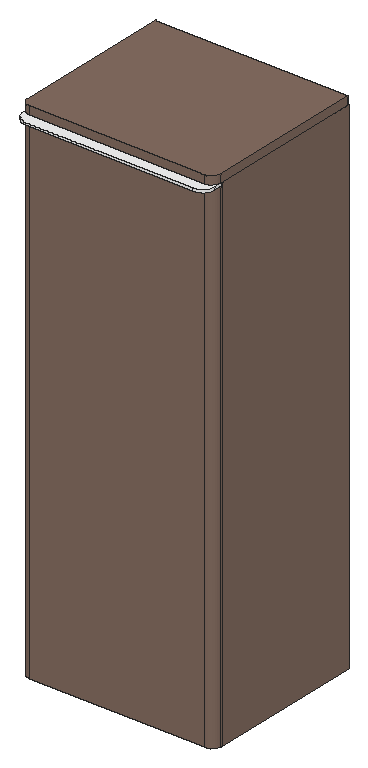
Revit family "mid-height cabinet, door hinge", category Furniture, Revit 2019 (continued)
Types (48, lengths in mm): name | SURFACE | SPECIFICATION | PRODUCTURL | PERMALINK | OBERFLAECHE | NB | NAME | Model | Mid-height cabinet 400_350, door hinge right-54134700-Dark Walnut-MATT_WHITE-400_RX0RY0RZ0TX0TY0TZ0_V | Mid-height cabinet 400_350, door hinge right-54134700-Dark Walnut-MATT_WHITE-200_RX0RY0RZ0TX0TY0TZ0_V | Mid-height cabinet 400_350, door hinge right-54134670-Dark Walnut-MATT_BLACK-400_RX0RY0RZ0TX0TY0TZ0_V | Mid-height cabinet 400_350, door hinge right-54134670-Dark Walnut-MATT_BLACK-200_RX0RY0RZ0TX0TY0TZ0_V | Mid-height cabinet 400_350, door hinge right-54134000-Dark Walnut-CHROME-400_RX0RY0RZ0TX0TY0TZ0_V | Mid-height cabinet 400_350, door hinge right-54134000-Dark Walnut-CHROME-200_RX0RY0RZ0TX0TY0TZ0_V | Mid-height cabinet 400_350, door hinge right-54133700-Natural Oak-MATT_WHITE-400_RX0RY0RZ0TX0TY0TZ0_V | Mid-height cabinet 400_350, door hinge right-54133700-Natural Oak-MATT_WHITE-200_RX0RY0RZ0TX0TY0TZ0_V | Mid-height cabinet 400_350, door hinge right-54133670-Natural Oak-MATT_BLACK-400_RX0RY0RZ0TX0TY0TZ0_V | Mid-height cabinet 400_350, door hinge right-54133670-Natural Oak-MATT_BLACK-200_RX0RY0RZ0TX0TY0TZ0_V | Mid-height cabinet 400_350, door hinge right-54133000-Natural Oak-CHROME-400_RX0RY0RZ0TX0TY0TZ0_V | Mid-height cabinet 400_350, door hinge right-54133000-Natural Oak-CHROME-200_RX0RY0RZ0TX0TY0TZ0_V | Mid-height cabinet 400_350, door hinge right-54132700-Diamond Matt Grey-MATT_WHITE-400_RX0RY0RZ0TX0TY0TZ0_V | Mid-height cabinet 400_350, door hinge right-54132700-Diamond Matt Grey-MATT_WHITE-200_RX0RY0RZ0TX0TY0TZ0_V | Mid-height cabinet 400_350, door hinge right-54132670-Diamond Matt Grey-MATT_BLACK-400_RX0RY0RZ0TX0TY0TZ0_V | Mid-height cabinet 400_350, door hinge right-54132670-Diamond Matt Grey-MATT_BLACK-200_RX0RY0RZ0TX0TY0TZ0_V | Mid-height cabinet 400_350, door hinge right-54132000-Diamond Matt Grey-CHROME-400_RX0RY0RZ0TX0TY0TZ0_V | Mid-height cabinet 400_350, door hinge right-54132000-Diamond Matt Grey-CHROME-200_RX0RY0RZ0TX0TY0TZ0_V | Mid-height cabinet 400_350, door hinge right-54131700-High Gloss White-MATT_WHITE-400_RX0RY0RZ0TX0TY0TZ0_V | Mid-height cabinet 400_350, door hinge right-54131700-High Gloss White-MATT_WHITE-200_RX0RY0RZ0TX0TY0TZ0_V | Mid-height cabinet 400_350, door hinge right-54131670-High Gloss White-MATT_BLACK-400_RX0RY0RZ0TX0TY0TZ0_V | Mid-height cabinet 400_350, door hinge right-54131670-High Gloss White-MATT_BLACK-200_RX0RY0RZ0TX0TY0TZ0_V | Mid-height cabinet 400_350, door hinge right-54131000-High Gloss White-CHROME-400_RX0RY0RZ0TX0TY0TZ0_V | Mid-height cabinet 400_350, door hinge right-54131000-High Gloss White-CHROME-200_RX0RY0RZ0TX0TY0TZ0_V | Mid-height cabinet 400_350, door hinge left-54130700-Dark Walnut-MATT_WHITE-400_RX0RY0RZ0TX0TY0TZ0_V | Mid-height cabinet 400_350, door hinge left-54130700-Dark Walnut-MATT_WHITE-200_RX0RY0RZ0TX0TY0TZ0_V | Mid-height cabinet 400_350, door hinge left-54130670-Dark Walnut-MATT_BLACK-400_RX0RY0RZ0TX0TY0TZ0_V | Mid-height cabinet 400_350, door hinge left-54130670-Dark Walnut-MATT_BLACK-200_RX0RY0RZ0TX0TY0TZ0_V | Mid-height cabinet 400_350, door hinge left-54130000-Dark Walnut-CHROME-400_RX0RY0RZ0TX0TY0TZ0_V | Mid-height cabinet 400_350, door hinge left-54130000-Dark Walnut-CHROME-200_RX0RY0RZ0TX0TY0TZ0_V | Mid-height cabinet 400_350, door hinge left-54129700-Natural Oak-MATT_WHITE-400_RX0RY0RZ0TX0TY0TZ0_V | Mid-height cabinet 400_350, door hinge left-54129700-Natural Oak-MATT_WHITE-200_RX0RY0RZ0TX0TY0TZ0_V | Mid-height cabinet 400_350, door hinge left-54129670-Natural Oak-MATT_BLACK-400_RX0RY0RZ0TX0TY0TZ0_V | Mid-height cabinet 400_350, door hinge left-54129670-Natural Oak-MATT_BLACK-200_RX0RY0RZ0TX0TY0TZ0_V | Mid-height cabinet 400_350, door hinge left-54129000-Natural Oak-CHROME-400_RX0RY0RZ0TX0TY0TZ0_V | Mid-height cabinet 400_350, door hinge left-54129000-Natural Oak-CHROME-200_RX0RY0RZ0TX0TY0TZ0_V | Mid-height cabinet 400_350, door hinge left-54128700-Diamond Matt Grey-MATT_WHITE-400_RX0RY0RZ0TX0TY0TZ0_V | Mid-height cabinet 400_350, door hinge left-54128700-Diamond Matt Grey-MATT_WHITE-200_RX0RY0RZ0TX0TY0TZ0_V | Mid-height cabinet 400_350, door hinge left-54128670-Diamond Matt Grey-MATT_BLACK-400_RX0RY0RZ0TX0TY0TZ0_V | Mid-height cabinet 400_350, door hinge left-54128670-Diamond Matt Grey-MATT_BLACK-200_RX0RY0RZ0TX0TY0TZ0_V | Mid-height cabinet 400_350, door hinge left-54128000-Diamond Matt Grey-CHROME-400_RX0RY0RZ0TX0TY0TZ0_V | Mid-height cabinet 400_350, door hinge left-54128000-Diamond Matt Grey-CHROME-200_RX0RY0RZ0TX0TY0TZ0_V | Mid-height cabinet 400_350, door hinge left-54127700-High Gloss White-MATT_WHITE-400_RX0RY0RZ0TX0TY0TZ0_V | Mid-height cabinet 400_350, door hinge left-54127700-High Gloss White-MATT_WHITE-200_RX0RY0RZ0TX0TY0TZ0_V | Mid-height cabinet 400_350, door hinge left-54127670-High Gloss White-MATT_BLACK-400_RX0RY0RZ0TX0TY0TZ0_V | Mid-height cabinet 400_350, door hinge left-54127670-High Gloss White-MATT_BLACK-200_RX0RY0RZ0TX0TY0TZ0_V | Mid-height cabinet 400_350, door hinge left-54127000-High Gloss White-CHROME-400_RX0RY0RZ0TX0TY0TZ0_V | Mid-height cabinet 400_350, door hinge left-54127000-High Gloss White-CHROME-200_RX0RY0RZ0TX0TY0TZ0_V | MIdent | LODLEVEL | LINA | GTINCODE | BASENUMBER | ARTNR
  Mid-height cabinet 400_350, door hinge left-54127000-High Gloss White-CHROME-200 | "CHROME" | "Surfaces:    - 54127000 Chrome  - 54127670 Matt Black  - 54127700 Matt White      Specification:    • consists of: mid-height cabinet, glass shelves, cover plate   • material body: medium density fiberboard (MDF)   • surface material body: thermofoil   • material front: medium density fiberboard (MDF)   • surface material front: thermofoil   • material cover plate: high-density 3-ply chipboard   • surface material cover plate: laminate (HPL)   • wall-mounted  • 1 door  • door hinge: left   • with 2 adjustable glass shelves  • material shelves: glass   • with integrated handle bar  • opening type: door   • SoftClose, for gentle closing  • material handles: aluminium   • mounting condition: pre-mounted   • Aluminum frame in body color allows easy change of fronts  • edge material: ABS   • thickness cover plate: 16 mm" | "https://pro.hansgrohe.com/articledetail--54127000" | "54127XXX" | "High Gloss White" | "Mid-height cabinet 400/350, door hinge left-54127000-High Gloss White-CHROME-200" | "Xelu Q Mid-height cabinet High Gloss White 400/350, door hinge left" | "Mid-height cabinet 400/350, door hinge left-54127000-High Gloss White-CHROME-200" | no | no | no | no | no | no | no | no | no | no | no | no | no | no | no | no | no | no | no | no | no | no | no | no | no | no | no | no | no | no | no | no | no | no | no | no | no | no | no | no | no | no | no | no | no | no | no | yes | "{$CADENAS_DATA/23d-libs/hansgrohe/xelu_furniture/mid-height_cabinet_door_hinge/mid-height_cabinet_door_hinge.prj},332 {VTYP=3D},{NB=Mid-height cabinet 400/350, door hinge left-54127000-High Gloss White-CHROME-200},{LINA=Mid-height cabinet 400/350, door hinge left-54127000-High Gloss White-CHROME-200},{NN=Mid-height cabinet, door hinge},{DATE=13.03.2023 02:22:41},{GEOMDATE=13.03.2023 02:22:00},{VERSION=},{LINEID=30},{WBVAR=LODLEVEL},{WBNUMERIC=}  {NB=Mid-height cabinet 400/350, door hinge left-54127000-High Gloss White-CHROME-200},{LINA=Mid-height cabinet 400/350, door hinge left-54127000-High Gloss White-CHROME-200},{KT=DUMMY},{IDNR=3},{ARTNR=54127000},{BASENUMBER=Mid-height cabinet 400/350, door hinge left},{MODEL=54127XXX},{OBERFLAECHE=High Gloss White},{SURFACE=CHROME},{L=400},{LODLEVEL=200},{LODLEVELX='400','400','200','200'},{NAME=Xelu Q Mid-height cabinet High Gloss White 400/350, door hinge left},{PERMALINK=54127XXX},{OBJECTTYPE=Object (single object)},{BIMOBJECT=Sanitary: Compound units},{PRODUCTFAMILY=Xelu Q},{PRODUCTGROUP=bathroom vanity},{WEIGHT=25.3},{DESCRIPTION=Xelu Q Mid-height cabinet High Gloss White 400/350, door hinge left},{SPECIFICATION=Surfaces:    - 54127000 Chrome  - 54127670 Matt Black  - 54127700 Matt White      Specification:    • consists of: mid-height cabinet, glass shelves, cover plate   • material body: medium density fiberboard (MDF)   • surface material body: thermofoil   • material front: medium density fiberboard (MDF)   • surface material front: thermofoil   • material cover plate: high-density 3-ply chipboard   • surface material cover plate: laminate (HPL)   • wall-mounted  • 1 door  • door hinge: left   • with 2 adjustable glass shelves  • material shelves: glass   • with integrated handle bar  • opening type: door   • SoftClose, for gentle closing  • material handles: aluminium   • mounting condition: pre-mounted   • Aluminum frame in body color allows easy change of fronts  • edge material: ABS   • thickness cover plate: 16 mm},{PRODUCTURL=https://pro.hansgrohe.com/articledetail--54127000},{GTINCODE=4059625458174},{TENDERURL=},{IFC=Furnishing element},{ETIM=EC011381 | Bathroom furniture set},{UNICLASS2015=Pr_40_30_78_05 | Bathroom furniture},{OMNICLASS=23-21 19 15 33 13 | Residential Bathroom Specialty Casework},{MASTERFORMAT=12 35 30.23 | Bathroom Casework},{UNSPSC=56 | Furniture and Furnishings},{UNIFORMATII=E2010 | Fixed Furnishings},{REGIONSET=Worldwide},{DESIGN=Germany},{MANUFACTURER=Germany}" | "200" | "Mid-height cabinet 400/350, door hinge left-54127000-High Gloss White-CHROME-200" | "4059625458174" | "Mid-height cabinet 400/350, door hinge left" | "54127000"
  Mid-height cabinet 400_350, door hinge left-54127000-High Gloss White-CHROME-400 | "CHROME" | "Surfaces:    - 54127000 Chrome  - 54127670 Matt Black  - 54127700 Matt White      Specification:    • consists of: mid-height cabinet, glass shelves, cover plate   • material body: medium density fiberboard (MDF)   • surface material body: thermofoil   • material front: medium density fiberboard (MDF)   • surface material front: thermofoil   • material cover plate: high-density 3-ply chipboard   • surface material cover plate: laminate (HPL)   • wall-mounted  • 1 door  • door hinge: left   • with 2 adjustable glass shelves  • material shelves: glass   • with integrated handle bar  • opening type: door   • SoftClose, for gentle closing  • material handles: aluminium   • mounting condition: pre-mounted   • Aluminum frame in body color allows easy change of fronts  • edge material: ABS   • thickness cover plate: 16 mm" | "https://pro.hansgrohe.com/articledetail--54127000" | "54127XXX" | "High Gloss White" | "Mid-height cabinet 400/350, door hinge left-54127000-High Gloss White-CHROME-400" | "Xelu Q Mid-height cabinet High Gloss White 400/350, door hinge left" | "Mid-height cabinet 400/350, door hinge left-54127000-High Gloss White-CHROME-400" | no | no | no | no | no | no | no | no | no | no | no | no | no | no | no | no | no | no | no | no | no | no | no | no | no | no | no | no | no | no | no | no | no | no | no | no | no | no | no | no | no | no | no | no | no | no | yes | no | "{$CADENAS_DATA/23d-libs/hansgrohe/xelu_furniture/mid-height_cabinet_door_hinge/mid-height_cabinet_door_hinge.prj},332 {VTYP=3D},{NB=Mid-height cabinet 400/350, door hinge left-54127000-High Gloss White-CHROME-400},{LINA=Mid-height cabinet 400/350, door hinge left-54127000-High Gloss White-CHROME-400},{NN=Mid-height cabinet, door hinge},{DATE=13.03.2023 02:22:41},{GEOMDATE=13.03.2023 02:22:00},{VERSION=},{LINEID=30},{WBVAR=LODLEVEL},{WBNUMERIC=}  {NB=Mid-height cabinet 400/350, door hinge left-54127000-High Gloss White-CHROME-400},{LINA=Mid-height cabinet 400/350, door hinge left-54127000-High Gloss White-CHROME-400},{KT=DUMMY},{IDNR=3},{ARTNR=54127000},{BASENUMBER=Mid-height cabinet 400/350, door hinge left},{MODEL=54127XXX},{OBERFLAECHE=High Gloss White},{SURFACE=CHROME},{L=400},{LODLEVEL=400},{LODLEVELX='400','400','200','200'},{NAME=Xelu Q Mid-height cabinet High Gloss White 400/350, door hinge left},{PERMALINK=54127XXX},{OBJECTTYPE=Object (single object)},{BIMOBJECT=Sanitary: Compound units},{PRODUCTFAMILY=Xelu Q},{PRODUCTGROUP=bathroom vanity},{WEIGHT=25.3},{DESCRIPTION=Xelu Q Mid-height cabinet High Gloss White 400/350, door hinge left},{SPECIFICATION=Surfaces:    - 54127000 Chrome  - 54127670 Matt Black  - 54127700 Matt White      Specification:    • consists of: mid-height cabinet, glass shelves, cover plate   • material body: medium density fiberboard (MDF)   • surface material body: thermofoil   • material front: medium density fiberboard (MDF)   • surface material front: thermofoil   • material cover plate: high-density 3-ply chipboard   • surface material cover plate: laminate (HPL)   • wall-mounted  • 1 door  • door hinge: left   • with 2 adjustable glass shelves  • material shelves: glass   • with integrated handle bar  • opening type: door   • SoftClose, for gentle closing  • material handles: aluminium   • mounting condition: pre-mounted   • Aluminum frame in body color allows easy change of fronts  • edge material: ABS   • thickness cover plate: 16 mm},{PRODUCTURL=https://pro.hansgrohe.com/articledetail--54127000},{GTINCODE=4059625458174},{TENDERURL=},{IFC=Furnishing element},{ETIM=EC011381 | Bathroom furniture set},{UNICLASS2015=Pr_40_30_78_05 | Bathroom furniture},{OMNICLASS=23-21 19 15 33 13 | Residential Bathroom Specialty Casework},{MASTERFORMAT=12 35 30.23 | Bathroom Casework},{UNSPSC=56 | Furniture and Furnishings},{UNIFORMATII=E2010 | Fixed Furnishings},{REGIONSET=Worldwide},{DESIGN=Germany},{MANUFACTURER=Germany}" | "400" | "Mid-height cabinet 400/350, door hinge left-54127000-High Gloss White-CHROME-400" | "4059625458174" | "Mid-height cabinet 400/350, door hinge left" | "54127000"
  Mid-height cabinet 400_350, door hinge left-54127670-High Gloss White-MATT_BLACK-200 | "MATT_BLACK" | "Surfaces:    - 54127000 Chrome  - 54127670 Matt Black  - 54127700 Matt White      Specification:    • consists of: mid-height cabinet, glass shelves, cover plate   • material body: medium density fiberboard (MDF)   • surface material body: thermofoil   • material front: medium density fiberboard (MDF)   • surface material front: thermofoil   • material cover plate: high-density 3-ply chipboard   • surface material cover plate: laminate (HPL)   • wall-mounted  • 1 door  • door hinge: left   • with 2 adjustable glass shelves  • material shelves: glass   • with integrated handle bar  • opening type: door   • SoftClose, for gentle closing  • material handles: aluminium   • mounting condition: pre-mounted   • Aluminum frame in body color allows easy change of fronts  • edge material: ABS   • thickness cover plate: 16 mm" | "https://pro.hansgrohe.com/articledetail--54127000" | "54127XXX" | "High Gloss White" | "Mid-height cabinet 400/350, door hinge left-54127670-High Gloss White-MATT_BLACK-200" | "Xelu Q Mid-height cabinet High Gloss White 400/350, door hinge left" | "Mid-height cabinet 400/350, door hinge left-54127670-High Gloss White-MATT_BLACK-200" | no | no | no | no | no | no | no | no | no | no | no | no | no | no | no | no | no | no | no | no | no | no | no | no | no | no | no | no | no | no | no | no | no | no | no | no | no | no | no | no | no | no | no | no | no | yes | no | no | "{$CADENAS_DATA/23d-libs/hansgrohe/xelu_furniture/mid-height_cabinet_door_hinge/mid-height_cabinet_door_hinge.prj},340 {VTYP=3D},{NB=Mid-height cabinet 400/350, door hinge left-54127670-High Gloss White-MATT_BLACK-200},{LINA=Mid-height cabinet 400/350, door hinge left-54127670-High Gloss White-MATT_BLACK-200},{NN=Mid-height cabinet, door hinge},{DATE=13.03.2023 02:22:41},{GEOMDATE=13.03.2023 02:22:00},{VERSION=},{LINEID=20},{WBVAR=LODLEVEL},{WBNUMERIC=}  {NB=Mid-height cabinet 400/350, door hinge left-54127670-High Gloss White-MATT_BLACK-200},{LINA=Mid-height cabinet 400/350, door hinge left-54127670-High Gloss White-MATT_BLACK-200},{KT=DUMMY},{IDNR=2},{ARTNR=54127670},{BASENUMBER=Mid-height cabinet 400/350, door hinge left},{MODEL=54127XXX},{OBERFLAECHE=High Gloss White},{SURFACE=MATT_BLACK},{L=400},{LODLEVEL=200},{LODLEVELX='400','400','200','200'},{NAME=Xelu Q Mid-height cabinet High Gloss White 400/350, door hinge left},{PERMALINK=54127XXX},{OBJECTTYPE=Object (single object)},{BIMOBJECT=Sanitary: Compound units},{PRODUCTFAMILY=Xelu Q},{PRODUCTGROUP=bathroom vanity},{WEIGHT=25.3},{DESCRIPTION=Xelu Q Mid-height cabinet High Gloss White 400/350, door hinge left},{SPECIFICATION=Surfaces:    - 54127000 Chrome  - 54127670 Matt Black  - 54127700 Matt White      Specification:    • consists of: mid-height cabinet, glass shelves, cover plate   • material body: medium density fiberboard (MDF)   • surface material body: thermofoil   • material front: medium density fiberboard (MDF)   • surface material front: thermofoil   • material cover plate: high-density 3-ply chipboard   • surface material cover plate: laminate (HPL)   • wall-mounted  • 1 door  • door hinge: left   • with 2 adjustable glass shelves  • material shelves: glass   • with integrated handle bar  • opening type: door   • SoftClose, for gentle closing  • material handles: aluminium   • mounting condition: pre-mounted   • Aluminum frame in body color allows easy change of fronts  • edge material: ABS   • thickness cover plate: 16 mm},{PRODUCTURL=https://pro.hansgrohe.com/articledetail--54127000},{GTINCODE=4059625458174},{TENDERURL=},{IFC=Furnishing element},{ETIM=EC011381 | Bathroom furniture set},{UNICLASS2015=Pr_40_30_78_05 | Bathroom furniture},{OMNICLASS=23-21 19 15 33 13 | Residential Bathroom Specialty Casework},{MASTERFORMAT=12 35 30.23 | Bathroom Casework},{UNSPSC=56 | Furniture and Furnishings},{UNIFORMATII=E2010 | Fixed Furnishings},{REGIONSET=Worldwide},{DESIGN=Germany},{MANUFACTURER=Germany}" | "200" | "Mid-height cabinet 400/350, door hinge left-54127670-High Gloss White-MATT_BLACK-200" | "4059625458174" | "Mid-height cabinet 400/350, door hinge left" | "54127670"
  Mid-height cabinet 400_350, door hinge left-54127670-High Gloss White-MATT_BLACK-400 | "MATT_BLACK" | "Surfaces:    - 54127000 Chrome  - 54127670 Matt Black  - 54127700 Matt White      Specification:    • consists of: mid-height cabinet, glass shelves, cover plate   • material body: medium density fiberboard (MDF)   • surface material body: thermofoil   • material front: medium density fiberboard (MDF)   • surface material front: thermofoil   • material cover plate: high-density 3-ply chipboard   • surface material cover plate: laminate (HPL)   • wall-mounted  • 1 door  • door hinge: left   • with 2 adjustable glass shelves  • material shelves: glass   • with integrated handle bar  • opening type: door   • SoftClose, for gentle closing  • material handles: aluminium   • mounting condition: pre-mounted   • Aluminum frame in body color allows easy change of fronts  • edge material: ABS   • thickness cover plate: 16 mm" | "https://pro.hansgrohe.com/articledetail--54127000" | "54127XXX" | "High Gloss White" | "Mid-height cabinet 400/350, door hinge left-54127670-High Gloss White-MATT_BLACK-400" | "Xelu Q Mid-height cabinet High Gloss White 400/350, door hinge left" | "Mid-height cabinet 400/350, door hinge left-54127670-High Gloss White-MATT_BLACK-400" | no | no | no | no | no | no | no | no | no | no | no | no | no | no | no | no | no | no | no | no | no | no | no | no | no | no | no | no | no | no | no | no | no | no | no | no | no | no | no | no | no | no | no | no | yes | no | no | no | "{$CADENAS_DATA/23d-libs/hansgrohe/xelu_furniture/mid-height_cabinet_door_hinge/mid-height_cabinet_door_hinge.prj},340 {VTYP=3D},{NB=Mid-height cabinet 400/350, door hinge left-54127670-High Gloss White-MATT_BLACK-400},{LINA=Mid-height cabinet 400/350, door hinge left-54127670-High Gloss White-MATT_BLACK-400},{NN=Mid-height cabinet, door hinge},{DATE=13.03.2023 02:22:41},{GEOMDATE=13.03.2023 02:22:00},{VERSION=},{LINEID=20},{WBVAR=LODLEVEL},{WBNUMERIC=}  {NB=Mid-height cabinet 400/350, door hinge left-54127670-High Gloss White-MATT_BLACK-400},{LINA=Mid-height cabinet 400/350, door hinge left-54127670-High Gloss White-MATT_BLACK-400},{KT=DUMMY},{IDNR=2},{ARTNR=54127670},{BASENUMBER=Mid-height cabinet 400/350, door hinge left},{MODEL=54127XXX},{OBERFLAECHE=High Gloss White},{SURFACE=MATT_BLACK},{L=400},{LODLEVEL=400},{LODLEVELX='400','400','200','200'},{NAME=Xelu Q Mid-height cabinet High Gloss White 400/350, door hinge left},{PERMALINK=54127XXX},{OBJECTTYPE=Object (single object)},{BIMOBJECT=Sanitary: Compound units},{PRODUCTFAMILY=Xelu Q},{PRODUCTGROUP=bathroom vanity},{WEIGHT=25.3},{DESCRIPTION=Xelu Q Mid-height cabinet High Gloss White 400/350, door hinge left},{SPECIFICATION=Surfaces:    - 54127000 Chrome  - 54127670 Matt Black  - 54127700 Matt White      Specification:    • consists of: mid-height cabinet, glass shelves, cover plate   • material body: medium density fiberboard (MDF)   • surface material body: thermofoil   • material front: medium density fiberboard (MDF)   • surface material front: thermofoil   • material cover plate: high-density 3-ply chipboard   • surface material cover plate: laminate (HPL)   • wall-mounted  • 1 door  • door hinge: left   • with 2 adjustable glass shelves  • material shelves: glass   • with integrated handle bar  • opening type: door   • SoftClose, for gentle closing  • material handles: aluminium   • mounting condition: pre-mounted   • Aluminum frame in body color allows easy change of fronts  • edge material: ABS   • thickness cover plate: 16 mm},{PRODUCTURL=https://pro.hansgrohe.com/articledetail--54127000},{GTINCODE=4059625458174},{TENDERURL=},{IFC=Furnishing element},{ETIM=EC011381 | Bathroom furniture set},{UNICLASS2015=Pr_40_30_78_05 | Bathroom furniture},{OMNICLASS=23-21 19 15 33 13 | Residential Bathroom Specialty Casework},{MASTERFORMAT=12 35 30.23 | Bathroom Casework},{UNSPSC=56 | Furniture and Furnishings},{UNIFORMATII=E2010 | Fixed Furnishings},{REGIONSET=Worldwide},{DESIGN=Germany},{MANUFACTURER=Germany}" | "400" | "Mid-height cabinet 400/350, door hinge left-54127670-High Gloss White-MATT_BLACK-400" | "4059625458174" | "Mid-height cabinet 400/350, door hinge left" | "54127670"
  Mid-height cabinet 400_350, door hinge left-54127700-High Gloss White-MATT_WHITE-200 | "MATT_WHITE" | "Surfaces:    - 54127000 Chrome  - 54127670 Matt Black  - 54127700 Matt White      Specification:    • consists of: mid-height cabinet, glass shelves, cover plate   • material body: medium density fiberboard (MDF)   • surface material body: thermofoil   • material front: medium density fiberboard (MDF)   • surface material front: thermofoil   • material cover plate: high-density 3-ply chipboard   • surface material cover plate: laminate (HPL)   • wall-mounted  • 1 door  • door hinge: left   • with 2 adjustable glass shelves  • material shelves: glass   • with integrated handle bar  • opening type: door   • SoftClose, for gentle closing  • material handles: aluminium   • mounting condition: pre-mounted   • Aluminum frame in body color allows easy change of fronts  • edge material: ABS   • thickness cover plate: 16 mm" | "https://pro.hansgrohe.com/articledetail--54127000" | "54127XXX" | "High Gloss White" | "Mid-height cabinet 400/350, door hinge left-54127700-High Gloss White-MATT_WHITE-200" | "Xelu Q Mid-height cabinet High Gloss White 400/350, door hinge left" | "Mid-height cabinet 400/350, door hinge left-54127700-High Gloss White-MATT_WHITE-200" | no | no | no | no | no | no | no | no | no | no | no | no | no | no | no | no | no | no | no | no | no | no | no | no | no | no | no | no | no | no | no | no | no | no | no | no | no | no | no | no | no | no | no | yes | no | no | no | no | "{$CADENAS_DATA/23d-libs/hansgrohe/xelu_furniture/mid-height_cabinet_door_hinge/mid-height_cabinet_door_hinge.prj},340 {VTYP=3D},{NB=Mid-height cabinet 400/350, door hinge left-54127700-High Gloss White-MATT_WHITE-200},{LINA=Mid-height cabinet 400/350, door hinge left-54127700-High Gloss White-MATT_WHITE-200},{NN=Mid-height cabinet, door hinge},{DATE=13.03.2023 02:22:41},{GEOMDATE=13.03.2023 02:22:00},{VERSION=},{LINEID=10},{WBVAR=LODLEVEL},{WBNUMERIC=}  {NB=Mid-height cabinet 400/350, door hinge left-54127700-High Gloss White-MATT_WHITE-200},{LINA=Mid-height cabinet 400/350, door hinge left-54127700-High Gloss White-MATT_WHITE-200},{KT=DUMMY},{IDNR=1},{ARTNR=54127700},{BASENUMBER=Mid-height cabinet 400/350, door hinge left},{MODEL=54127XXX},{OBERFLAECHE=High Gloss White},{SURFACE=MATT_WHITE},{L=400},{LODLEVEL=200},{LODLEVELX='400','400','200','200'},{NAME=Xelu Q Mid-height cabinet High Gloss White 400/350, door hinge left},{PERMALINK=54127XXX},{OBJECTTYPE=Object (single object)},{BIMOBJECT=Sanitary: Compound units},{PRODUCTFAMILY=Xelu Q},{PRODUCTGROUP=bathroom vanity},{WEIGHT=25.3},{DESCRIPTION=Xelu Q Mid-height cabinet High Gloss White 400/350, door hinge left},{SPECIFICATION=Surfaces:    - 54127000 Chrome  - 54127670 Matt Black  - 54127700 Matt White      Specification:    • consists of: mid-height cabinet, glass shelves, cover plate   • material body: medium density fiberboard (MDF)   • surface material body: thermofoil   • material front: medium density fiberboard (MDF)   • surface material front: thermofoil   • material cover plate: high-density 3-ply chipboard   • surface material cover plate: laminate (HPL)   • wall-mounted  • 1 door  • door hinge: left   • with 2 adjustable glass shelves  • material shelves: glass   • with integrated handle bar  • opening type: door   • SoftClose, for gentle closing  • material handles: aluminium   • mounting condition: pre-mounted   • Aluminum frame in body color allows easy change of fronts  • edge material: ABS   • thickness cover plate: 16 mm},{PRODUCTURL=https://pro.hansgrohe.com/articledetail--54127000},{GTINCODE=4059625458174},{TENDERURL=},{IFC=Furnishing element},{ETIM=EC011381 | Bathroom furniture set},{UNICLASS2015=Pr_40_30_78_05 | Bathroom furniture},{OMNICLASS=23-21 19 15 33 13 | Residential Bathroom Specialty Casework},{MASTERFORMAT=12 35 30.23 | Bathroom Casework},{UNSPSC=56 | Furniture and Furnishings},{UNIFORMATII=E2010 | Fixed Furnishings},{REGIONSET=Worldwide},{DESIGN=Germany},{MANUFACTURER=Germany}" | "200" | "Mid-height cabinet 400/350, door hinge left-54127700-High Gloss White-MATT_WHITE-200" | "4059625458174" | "Mid-height cabinet 400/350, door hinge left" | "54127700"
  Mid-height cabinet 400_350, door hinge left-54127700-High Gloss White-MATT_WHITE-400 | "MATT_WHITE" | "Surfaces:    - 54127000 Chrome  - 54127670 Matt Black  - 54127700 Matt White      Specification:    • consists of: mid-height cabinet, glass shelves, cover plate   • material body: medium density fiberboard (MDF)   • surface material body: thermofoil   • material front: medium density fiberboard (MDF)   • surface material front: thermofoil   • material cover plate: high-density 3-ply chipboard   • surface material cover plate: laminate (HPL)   • wall-mounted  • 1 door  • door hinge: left   • with 2 adjustable glass shelves  • material shelves: glass   • with integrated handle bar  • opening type: door   • SoftClose, for gentle closing  • material handles: aluminium   • mounting condition: pre-mounted   • Aluminum frame in body color allows easy change of fronts  • edge material: ABS   • thickness cover plate: 16 mm" | "https://pro.hansgrohe.com/articledetail--54127000" | "54127XXX" | "High Gloss White" | "Mid-height cabinet 400/350, door hinge left-54127700-High Gloss White-MATT_WHITE-400" | "Xelu Q Mid-height cabinet High Gloss White 400/350, door hinge left" | "Mid-height cabinet 400/350, door hinge left-54127700-High Gloss White-MATT_WHITE-400" | no | no | no | no | no | no | no | no | no | no | no | no | no | no | no | no | no | no | no | no | no | no | no | no | no | no | no | no | no | no | no | no | no | no | no | no | no | no | no | no | no | no | yes | no | no | no | no | no | "{$CADENAS_DATA/23d-libs/hansgrohe/xelu_furniture/mid-height_cabinet_door_hinge/mid-height_cabinet_door_hinge.prj},340 {VTYP=3D},{NB=Mid-height cabinet 400/350, door hinge left-54127700-High Gloss White-MATT_WHITE-400},{LINA=Mid-height cabinet 400/350, door hinge left-54127700-High Gloss White-MATT_WHITE-400},{NN=Mid-height cabinet, door hinge},{DATE=13.03.2023 02:22:41},{GEOMDATE=13.03.2023 02:22:00},{VERSION=},{LINEID=10},{WBVAR=LODLEVEL},{WBNUMERIC=}  {NB=Mid-height cabinet 400/350, door hinge left-54127700-High Gloss White-MATT_WHITE-400},{LINA=Mid-height cabinet 400/350, door hinge left-54127700-High Gloss White-MATT_WHITE-400},{KT=DUMMY},{IDNR=1},{ARTNR=54127700},{BASENUMBER=Mid-height cabinet 400/350, door hinge left},{MODEL=54127XXX},{OBERFLAECHE=High Gloss White},{SURFACE=MATT_WHITE},{L=400},{LODLEVEL=400},{LODLEVELX='400','400','200','200'},{NAME=Xelu Q Mid-height cabinet High Gloss White 400/350, door hinge left},{PERMALINK=54127XXX},{OBJECTTYPE=Object (single object)},{BIMOBJECT=Sanitary: Compound units},{PRODUCTFAMILY=Xelu Q},{PRODUCTGROUP=bathroom vanity},{WEIGHT=25.3},{DESCRIPTION=Xelu Q Mid-height cabinet High Gloss White 400/350, door hinge left},{SPECIFICATION=Surfaces:    - 54127000 Chrome  - 54127670 Matt Black  - 54127700 Matt White      Specification:    • consists of: mid-height cabinet, glass shelves, cover plate   • material body: medium density fiberboard (MDF)   • surface material body: thermofoil   • material front: medium density fiberboard (MDF)   • surface material front: thermofoil   • material cover plate: high-density 3-ply chipboard   • surface material cover plate: laminate (HPL)   • wall-mounted  • 1 door  • door hinge: left   • with 2 adjustable glass shelves  • material shelves: glass   • with integrated handle bar  • opening type: door   • SoftClose, for gentle closing  • material handles: aluminium   • mounting condition: pre-mounted   • Aluminum frame in body color allows easy change of fronts  • edge material: ABS   • thickness cover plate: 16 mm},{PRODUCTURL=https://pro.hansgrohe.com/articledetail--54127000},{GTINCODE=4059625458174},{TENDERURL=},{IFC=Furnishing element},{ETIM=EC011381 | Bathroom furniture set},{UNICLASS2015=Pr_40_30_78_05 | Bathroom furniture},{OMNICLASS=23-21 19 15 33 13 | Residential Bathroom Specialty Casework},{MASTERFORMAT=12 35 30.23 | Bathroom Casework},{UNSPSC=56 | Furniture and Furnishings},{UNIFORMATII=E2010 | Fixed Furnishings},{REGIONSET=Worldwide},{DESIGN=Germany},{MANUFACTURER=Germany}" | "400" | "Mid-height cabinet 400/350, door hinge left-54127700-High Gloss White-MATT_WHITE-400" | "4059625458174" | "Mid-height cabinet 400/350, door hinge left" | "54127700"
  Mid-height cabinet 400_350, door hinge left-54128000-Diamond Matt Grey-CHROME-200 | "CHROME" | "Surfaces:    - 54128000 Chrome  - 54128670 Matt Black  - 54128700 Matt White      Specification:" | "https://pro.hansgrohe.com/articledetail--54128000" | "54128XXX" | "Diamond Matt Grey" | "Mid-height cabinet 400/350, door hinge left-54128000-Diamond Matt Grey-CHROME-200" | "Xelu Q Mid-height cabinet Diamond Matt Grey 400/350, door hinge left" | "Mid-height cabinet 400/350, door hinge left-54128000-Diamond Matt Grey-CHROME-200" | no | no | no | no | no | no | no | no | no | no | no | no | no | no | no | no | no | no | no | no | no | no | no | no | no | no | no | no | no | no | no | no | no | no | no | no | no | no | no | no | no | yes | no | no | no | no | no | no | "{$CADENAS_DATA/23d-libs/hansgrohe/xelu_furniture/mid-height_cabinet_door_hinge/mid-height_cabinet_door_hinge.prj},334 {VTYP=3D},{NB=Mid-height cabinet 400/350, door hinge left-54128000-Diamond Matt Grey-CHROME-200},{LINA=Mid-height cabinet 400/350, door hinge left-54128000-Diamond Matt Grey-CHROME-200},{NN=Mid-height cabinet, door hinge},{DATE=13.03.2023 02:22:41},{GEOMDATE=13.03.2023 02:22:00},{VERSION=},{LINEID=40},{WBVAR=LODLEVEL},{WBNUMERIC=}  {NB=Mid-height cabinet 400/350, door hinge left-54128000-Diamond Matt Grey-CHROME-200},{LINA=Mid-height cabinet 400/350, door hinge left-54128000-Diamond Matt Grey-CHROME-200},{KT=DUMMY},{IDNR=4},{ARTNR=54128000},{BASENUMBER=Mid-height cabinet 400/350, door hinge left},{MODEL=54128XXX},{OBERFLAECHE=Diamond Matt Grey},{SURFACE=CHROME},{L=400},{LODLEVEL=200},{LODLEVELX='400','400','200','200'},{NAME=Xelu Q Mid-height cabinet Diamond Matt Grey 400/350, door hinge left},{PERMALINK=54128XXX},{OBJECTTYPE=Object (single object)},{BIMOBJECT=Sanitary: Compound units},{PRODUCTFAMILY=Xelu Q},{PRODUCTGROUP=bathroom vanity},{WEIGHT=25.3},{DESCRIPTION=Xelu Q Mid-height cabinet Diamond Matt Grey 400/350, door hinge left},{SPECIFICATION=Surfaces:    - 54128000 Chrome  - 54128670 Matt Black  - 54128700 Matt White      Specification:},{PRODUCTURL=https://pro.hansgrohe.com/articledetail--54128000},{GTINCODE=4059625458143},{TENDERURL=},{IFC=Furnishing element},{ETIM=EC011381 | Bathroom furniture set},{UNICLASS2015=Pr_40_30_78_05 | Bathroom furniture},{OMNICLASS=23-21 19 15 33 13 | Residential Bathroom Specialty Casework},{MASTERFORMAT=12 35 30.23 | Bathroom Casework},{UNSPSC=56 | Furniture and Furnishings},{UNIFORMATII=E2010 | Fixed Furnishings},{REGIONSET=Worldwide},{DESIGN=Germany},{MANUFACTURER=Germany}" | "200" | "Mid-height cabinet 400/350, door hinge left-54128000-Diamond Matt Grey-CHROME-200" | "4059625458143" | "Mid-height cabinet 400/350, door hinge left" | "54128000"
  Mid-height cabinet 400_350, door hinge left-54128000-Diamond Matt Grey-CHROME-400 | "CHROME" | "Surfaces:    - 54128000 Chrome  - 54128670 Matt Black  - 54128700 Matt White      Specification:" | "https://pro.hansgrohe.com/articledetail--54128000" | "54128XXX" | "Diamond Matt Grey" | "Mid-height cabinet 400/350, door hinge left-54128000-Diamond Matt Grey-CHROME-400" | "Xelu Q Mid-height cabinet Diamond Matt Grey 400/350, door hinge left" | "Mid-height cabinet 400/350, door hinge left-54128000-Diamond Matt Grey-CHROME-400" | no | no | no | no | no | no | no | no | no | no | no | no | no | no | no | no | no | no | no | no | no | no | no | no | no | no | no | no | no | no | no | no | no | no | no | no | no | no | no | no | yes | no | no | no | no | no | no | no | "{$CADENAS_DATA/23d-libs/hansgrohe/xelu_furniture/mid-height_cabinet_door_hinge/mid-height_cabinet_door_hinge.prj},334 {VTYP=3D},{NB=Mid-height cabinet 400/350, door hinge left-54128000-Diamond Matt Grey-CHROME-400},{LINA=Mid-height cabinet 400/350, door hinge left-54128000-Diamond Matt Grey-CHROME-400},{NN=Mid-height cabinet, door hinge},{DATE=13.03.2023 02:22:41},{GEOMDATE=13.03.2023 02:22:00},{VERSION=},{LINEID=40},{WBVAR=LODLEVEL},{WBNUMERIC=}  {NB=Mid-height cabinet 400/350, door hinge left-54128000-Diamond Matt Grey-CHROME-400},{LINA=Mid-height cabinet 400/350, door hinge left-54128000-Diamond Matt Grey-CHROME-400},{KT=DUMMY},{IDNR=4},{ARTNR=54128000},{BASENUMBER=Mid-height cabinet 400/350, door hinge left},{MODEL=54128XXX},{OBERFLAECHE=Diamond Matt Grey},{SURFACE=CHROME},{L=400},{LODLEVEL=400},{LODLEVELX='400','400','200','200'},{NAME=Xelu Q Mid-height cabinet Diamond Matt Grey 400/350, door hinge left},{PERMALINK=54128XXX},{OBJECTTYPE=Object (single object)},{BIMOBJECT=Sanitary: Compound units},{PRODUCTFAMILY=Xelu Q},{PRODUCTGROUP=bathroom vanity},{WEIGHT=25.3},{DESCRIPTION=Xelu Q Mid-height cabinet Diamond Matt Grey 400/350, door hinge left},{SPECIFICATION=Surfaces:    - 54128000 Chrome  - 54128670 Matt Black  - 54128700 Matt White      Specification:},{PRODUCTURL=https://pro.hansgrohe.com/articledetail--54128000},{GTINCODE=4059625458143},{TENDERURL=},{IFC=Furnishing element},{ETIM=EC011381 | Bathroom furniture set},{UNICLASS2015=Pr_40_30_78_05 | Bathroom furniture},{OMNICLASS=23-21 19 15 33 13 | Residential Bathroom Specialty Casework},{MASTERFORMAT=12 35 30.23 | Bathroom Casework},{UNSPSC=56 | Furniture and Furnishings},{UNIFORMATII=E2010 | Fixed Furnishings},{REGIONSET=Worldwide},{DESIGN=Germany},{MANUFACTURER=Germany}" | "400" | "Mid-height cabinet 400/350, door hinge left-54128000-Diamond Matt Grey-CHROME-400" | "4059625458143" | "Mid-height cabinet 400/350, door hinge left" | "54128000"
  Mid-height cabinet 400_350, door hinge left-54128670-Diamond Matt Grey-MATT_BLACK-200 | "MATT_BLACK" | "Surfaces:    - 54128000 Chrome  - 54128670 Matt Black  - 54128700 Matt White      Specification:" | "https://pro.hansgrohe.com/articledetail--54128000" | "54128XXX" | "Diamond Matt Grey" | "Mid-height cabinet 400/350, door hinge left-54128670-Diamond Matt Grey-MATT_BLACK-200" | "Xelu Q Mid-height cabinet Diamond Matt Grey 400/350, door hinge left" | "Mid-height cabinet 400/350, door hinge left-54128670-Diamond Matt Grey-MATT_BLACK-200" | no | no | no | no | no | no | no | no | no | no | no | no | no | no | no | no | no | no | no | no | no | no | no | no | no | no | no | no | no | no | no | no | no | no | no | no | no | no | no | yes | no | no | no | no | no | no | no | no | "{$CADENAS_DATA/23d-libs/hansgrohe/xelu_furniture/mid-height_cabinet_door_hinge/mid-height_cabinet_door_hinge.prj},342 {VTYP=3D},{NB=Mid-height cabinet 400/350, door hinge left-54128670-Diamond Matt Grey-MATT_BLACK-200},{LINA=Mid-height cabinet 400/350, door hinge left-54128670-Diamond Matt Grey-MATT_BLACK-200},{NN=Mid-height cabinet, door hinge},{DATE=13.03.2023 02:22:41},{GEOMDATE=13.03.2023 02:22:00},{VERSION=},{LINEID=60},{WBVAR=LODLEVEL},{WBNUMERIC=}  {NB=Mid-height cabinet 400/350, door hinge left-54128670-Diamond Matt Grey-MATT_BLACK-200},{LINA=Mid-height cabinet 400/350, door hinge left-54128670-Diamond Matt Grey-MATT_BLACK-200},{KT=DUMMY},{IDNR=6},{ARTNR=54128670},{BASENUMBER=Mid-height cabinet 400/350, door hinge left},{MODEL=54128XXX},{OBERFLAECHE=Diamond Matt Grey},{SURFACE=MATT_BLACK},{L=400},{LODLEVEL=200},{LODLEVELX='400','400','200','200'},{NAME=Xelu Q Mid-height cabinet Diamond Matt Grey 400/350, door hinge left},{PERMALINK=54128XXX},{OBJECTTYPE=Object (single object)},{BIMOBJECT=Sanitary: Compound units},{PRODUCTFAMILY=Xelu Q},{PRODUCTGROUP=bathroom vanity},{WEIGHT=25.3},{DESCRIPTION=Xelu Q Mid-height cabinet Diamond Matt Grey 400/350, door hinge left},{SPECIFICATION=Surfaces:    - 54128000 Chrome  - 54128670 Matt Black  - 54128700 Matt White      Specification:},{PRODUCTURL=https://pro.hansgrohe.com/articledetail--54128000},{GTINCODE=4059625458143},{TENDERURL=},{IFC=Furnishing element},{ETIM=EC011381 | Bathroom furniture set},{UNICLASS2015=Pr_40_30_78_05 | Bathroom furniture},{OMNICLASS=23-21 19 15 33 13 | Residential Bathroom Specialty Casework},{MASTERFORMAT=12 35 30.23 | Bathroom Casework},{UNSPSC=56 | Furniture and Furnishings},{UNIFORMATII=E2010 | Fixed Furnishings},{REGIONSET=Worldwide},{DESIGN=Germany},{MANUFACTURER=Germany}" | "200" | "Mid-height cabinet 400/350, door hinge left-54128670-Diamond Matt Grey-MATT_BLACK-200" | "4059625458143" | "Mid-height cabinet 400/350, door hinge left" | "54128670"
  Mid-height cabinet 400_350, door hinge left-54128670-Diamond Matt Grey-MATT_BLACK-400 | "MATT_BLACK" | "Surfaces:    - 54128000 Chrome  - 54128670 Matt Black  - 54128700 Matt White      Specification:" | "https://pro.hansgrohe.com/articledetail--54128000" | "54128XXX" | "Diamond Matt Grey" | "Mid-height cabinet 400/350, door hinge left-54128670-Diamond Matt Grey-MATT_BLACK-400" | "Xelu Q Mid-height cabinet Diamond Matt Grey 400/350, door hinge left" | "Mid-height cabinet 400/350, door hinge left-54128670-Diamond Matt Grey-MATT_BLACK-400" | no | no | no | no | no | no | no | no | no | no | no | no | no | no | no | no | no | no | no | no | no | no | no | no | no | no | no | no | no | no | no | no | no | no | no | no | no | no | yes | no | no | no | no | no | no | no | no | no | "{$CADENAS_DATA/23d-libs/hansgrohe/xelu_furniture/mid-height_cabinet_door_hinge/mid-height_cabinet_door_hinge.prj},342 {VTYP=3D},{NB=Mid-height cabinet 400/350, door hinge left-54128670-Diamond Matt Grey-MATT_BLACK-400},{LINA=Mid-height cabinet 400/350, door hinge left-54128670-Diamond Matt Grey-MATT_BLACK-400},{NN=Mid-height cabinet, door hinge},{DATE=13.03.2023 02:22:41},{GEOMDATE=13.03.2023 02:22:00},{VERSION=},{LINEID=60},{WBVAR=LODLEVEL},{WBNUMERIC=}  {NB=Mid-height cabinet 400/350, door hinge left-54128670-Diamond Matt Grey-MATT_BLACK-400},{LINA=Mid-height cabinet 400/350, door hinge left-54128670-Diamond Matt Grey-MATT_BLACK-400},{KT=DUMMY},{IDNR=6},{ARTNR=54128670},{BASENUMBER=Mid-height cabinet 400/350, door hinge left},{MODEL=54128XXX},{OBERFLAECHE=Diamond Matt Grey},{SURFACE=MATT_BLACK},{L=400},{LODLEVEL=400},{LODLEVELX='400','400','200','200'},{NAME=Xelu Q Mid-height cabinet Diamond Matt Grey 400/350, door hinge left},{PERMALINK=54128XXX},{OBJECTTYPE=Object (single object)},{BIMOBJECT=Sanitary: Compound units},{PRODUCTFAMILY=Xelu Q},{PRODUCTGROUP=bathroom vanity},{WEIGHT=25.3},{DESCRIPTION=Xelu Q Mid-height cabinet Diamond Matt Grey 400/350, door hinge left},{SPECIFICATION=Surfaces:    - 54128000 Chrome  - 54128670 Matt Black  - 54128700 Matt White      Specification:},{PRODUCTURL=https://pro.hansgrohe.com/articledetail--54128000},{GTINCODE=4059625458143},{TENDERURL=},{IFC=Furnishing element},{ETIM=EC011381 | Bathroom furniture set},{UNICLASS2015=Pr_40_30_78_05 | Bathroom furniture},{OMNICLASS=23-21 19 15 33 13 | Residential Bathroom Specialty Casework},{MASTERFORMAT=12 35 30.23 | Bathroom Casework},{UNSPSC=56 | Furniture and Furnishings},{UNIFORMATII=E2010 | Fixed Furnishings},{REGIONSET=Worldwide},{DESIGN=Germany},{MANUFACTURER=Germany}" | "400" | "Mid-height cabinet 400/350, door hinge left-54128670-Diamond Matt Grey-MATT_BLACK-400" | "4059625458143" | "Mid-height cabinet 400/350, door hinge left" | "54128670"
  Mid-height cabinet 400_350, door hinge left-54128700-Diamond Matt Grey-MATT_WHITE-200 | "MATT_WHITE" | "Surfaces:    - 54128000 Chrome  - 54128670 Matt Black  - 54128700 Matt White      Specification:" | "https://pro.hansgrohe.com/articledetail--54128000" | "54128XXX" | "Diamond Matt Grey" | "Mid-height cabinet 400/350, door hinge left-54128700-Diamond Matt Grey-MATT_WHITE-200" | "Xelu Q Mid-height cabinet Diamond Matt Grey 400/350, door hinge left" | "Mid-height cabinet 400/350, door hinge left-54128700-Diamond Matt Grey-MATT_WHITE-200" | no | no | no | no | no | no | no | no | no | no | no | no | no | no | no | no | no | no | no | no | no | no | no | no | no | no | no | no | no | no | no | no | no | no | no | no | no | yes | no | no | no | no | no | no | no | no | no | no | "{$CADENAS_DATA/23d-libs/hansgrohe/xelu_furniture/mid-height_cabinet_door_hinge/mid-height_cabinet_door_hinge.prj},342 {VTYP=3D},{NB=Mid-height cabinet 400/350, door hinge left-54128700-Diamond Matt Grey-MATT_WHITE-200},{LINA=Mid-height cabinet 400/350, door hinge left-54128700-Diamond Matt Grey-MATT_WHITE-200},{NN=Mid-height cabinet, door hinge},{DATE=13.03.2023 02:22:41},{GEOMDATE=13.03.2023 02:22:00},{VERSION=},{LINEID=50},{WBVAR=LODLEVEL},{WBNUMERIC=}  {NB=Mid-height cabinet 400/350, door hinge left-54128700-Diamond Matt Grey-MATT_WHITE-200},{LINA=Mid-height cabinet 400/350, door hinge left-54128700-Diamond Matt Grey-MATT_WHITE-200},{KT=DUMMY},{IDNR=5},{ARTNR=54128700},{BASENUMBER=Mid-height cabinet 400/350, door hinge left},{MODEL=54128XXX},{OBERFLAECHE=Diamond Matt Grey},{SURFACE=MATT_WHITE},{L=400},{LODLEVEL=200},{LODLEVELX='400','400','200','200'},{NAME=Xelu Q Mid-height cabinet Diamond Matt Grey 400/350, door hinge left},{PERMALINK=54128XXX},{OBJECTTYPE=Object (single object)},{BIMOBJECT=Sanitary: Compound units},{PRODUCTFAMILY=Xelu Q},{PRODUCTGROUP=bathroom vanity},{WEIGHT=25.3},{DESCRIPTION=Xelu Q Mid-height cabinet Diamond Matt Grey 400/350, door hinge left},{SPECIFICATION=Surfaces:    - 54128000 Chrome  - 54128670 Matt Black  - 54128700 Matt White      Specification:},{PRODUCTURL=https://pro.hansgrohe.com/articledetail--54128000},{GTINCODE=4059625458143},{TENDERURL=},{IFC=Furnishing element},{ETIM=EC011381 | Bathroom furniture set},{UNICLASS2015=Pr_40_30_78_05 | Bathroom furniture},{OMNICLASS=23-21 19 15 33 13 | Residential Bathroom Specialty Casework},{MASTERFORMAT=12 35 30.23 | Bathroom Casework},{UNSPSC=56 | Furniture and Furnishings},{UNIFORMATII=E2010 | Fixed Furnishings},{REGIONSET=Worldwide},{DESIGN=Germany},{MANUFACTURER=Germany}" | "200" | "Mid-height cabinet 400/350, door hinge left-54128700-Diamond Matt Grey-MATT_WHITE-200" | "4059625458143" | "Mid-height cabinet 400/350, door hinge left" | "54128700"
  Mid-height cabinet 400_350, door hinge left-54128700-Diamond Matt Grey-MATT_WHITE-400 | "MATT_WHITE" | "Surfaces:    - 54128000 Chrome  - 54128670 Matt Black  - 54128700 Matt White      Specification:" | "https://pro.hansgrohe.com/articledetail--54128000" | "54128XXX" | "Diamond Matt Grey" | "Mid-height cabinet 400/350, door hinge left-54128700-Diamond Matt Grey-MATT_WHITE-400" | "Xelu Q Mid-height cabinet Diamond Matt Grey 400/350, door hinge left" | "Mid-height cabinet 400/350, door hinge left-54128700-Diamond Matt Grey-MATT_WHITE-400" | no | no | no | no | no | no | no | no | no | no | no | no | no | no | no | no | no | no | no | no | no | no | no | no | no | no | no | no | no | no | no | no | no | no | no | no | yes | no | no | no | no | no | no | no | no | no | no | no | "{$CADENAS_DATA/23d-libs/hansgrohe/xelu_furniture/mid-height_cabinet_door_hinge/mid-height_cabinet_door_hinge.prj},342 {VTYP=3D},{NB=Mid-height cabinet 400/350, door hinge left-54128700-Diamond Matt Grey-MATT_WHITE-400},{LINA=Mid-height cabinet 400/350, door hinge left-54128700-Diamond Matt Grey-MATT_WHITE-400},{NN=Mid-height cabinet, door hinge},{DATE=13.03.2023 02:22:41},{GEOMDATE=13.03.2023 02:22:00},{VERSION=},{LINEID=50},{WBVAR=LODLEVEL},{WBNUMERIC=}  {NB=Mid-height cabinet 400/350, door hinge left-54128700-Diamond Matt Grey-MATT_WHITE-400},{LINA=Mid-height cabinet 400/350, door hinge left-54128700-Diamond Matt Grey-MATT_WHITE-400},{KT=DUMMY},{IDNR=5},{ARTNR=54128700},{BASENUMBER=Mid-height cabinet 400/350, door hinge left},{MODEL=54128XXX},{OBERFLAECHE=Diamond Matt Grey},{SURFACE=MATT_WHITE},{L=400},{LODLEVEL=400},{LODLEVELX='400','400','200','200'},{NAME=Xelu Q Mid-height cabinet Diamond Matt Grey 400/350, door hinge left},{PERMALINK=54128XXX},{OBJECTTYPE=Object (single object)},{BIMOBJECT=Sanitary: Compound units},{PRODUCTFAMILY=Xelu Q},{PRODUCTGROUP=bathroom vanity},{WEIGHT=25.3},{DESCRIPTION=Xelu Q Mid-height cabinet Diamond Matt Grey 400/350, door hinge left},{SPECIFICATION=Surfaces:    - 54128000 Chrome  - 54128670 Matt Black  - 54128700 Matt White      Specification:},{PRODUCTURL=https://pro.hansgrohe.com/articledetail--54128000},{GTINCODE=4059625458143},{TENDERURL=},{IFC=Furnishing element},{ETIM=EC011381 | Bathroom furniture set},{UNICLASS2015=Pr_40_30_78_05 | Bathroom furniture},{OMNICLASS=23-21 19 15 33 13 | Residential Bathroom Specialty Casework},{MASTERFORMAT=12 35 30.23 | Bathroom Casework},{UNSPSC=56 | Furniture and Furnishings},{UNIFORMATII=E2010 | Fixed Furnishings},{REGIONSET=Worldwide},{DESIGN=Germany},{MANUFACTURER=Germany}" | "400" | "Mid-height cabinet 400/350, door hinge left-54128700-Diamond Matt Grey-MATT_WHITE-400" | "4059625458143" | "Mid-height cabinet 400/350, door hinge left" | "54128700"
  Mid-height cabinet 400_350, door hinge left-54129000-Natural Oak-CHROME-200 | "CHROME" | "Surfaces:    - 54129000 Chrome  - 54129670 Matt Black  - 54129700 Matt White      Specification:" | "https://pro.hansgrohe.com/articledetail--54129000" | "54129XXX" | "Natural Oak" | "Mid-height cabinet 400/350, door hinge left-54129000-Natural Oak-CHROME-200" | "Xelu Q Mid-height cabinet Natural Oak 400/350, door hinge left" | "Mid-height cabinet 400/350, door hinge left-54129000-Natural Oak-CHROME-200" | no | no | no | no | no | no | no | no | no | no | no | no | no | no | no | no | no | no | no | no | no | no | no | no | no | no | no | no | no | no | no | no | no | no | no | yes | no | no | no | no | no | no | no | no | no | no | no | no | "{$CADENAS_DATA/23d-libs/hansgrohe/xelu_furniture/mid-height_cabinet_door_hinge/mid-height_cabinet_door_hinge.prj},322 {VTYP=3D},{NB=Mid-height cabinet 400/350, door hinge left-54129000-Natural Oak-CHROME-200},{LINA=Mid-height cabinet 400/350, door hinge left-54129000-Natural Oak-CHROME-200},{NN=Mid-height cabinet, door hinge},{DATE=13.03.2023 02:22:41},{GEOMDATE=13.03.2023 02:22:00},{VERSION=},{LINEID=70},{WBVAR=LODLEVEL},{WBNUMERIC=}  {NB=Mid-height cabinet 400/350, door hinge left-54129000-Natural Oak-CHROME-200},{LINA=Mid-height cabinet 400/350, door hinge left-54129000-Natural Oak-CHROME-200},{KT=DUMMY},{IDNR=7},{ARTNR=54129000},{BASENUMBER=Mid-height cabinet 400/350, door hinge left},{MODEL=54129XXX},{OBERFLAECHE=Natural Oak},{SURFACE=CHROME},{L=400},{LODLEVEL=200},{LODLEVELX='400','400','200','200'},{NAME=Xelu Q Mid-height cabinet Natural Oak 400/350, door hinge left},{PERMALINK=54129XXX},{OBJECTTYPE=Object (single object)},{BIMOBJECT=Sanitary: Compound units},{PRODUCTFAMILY=Xelu Q},{PRODUCTGROUP=bathroom vanity},{WEIGHT=25.3},{DESCRIPTION=Xelu Q Mid-height cabinet Natural Oak 400/350, door hinge left},{SPECIFICATION=Surfaces:    - 54129000 Chrome  - 54129670 Matt Black  - 54129700 Matt White      Specification:},{PRODUCTURL=https://pro.hansgrohe.com/articledetail--54129000},{GTINCODE=4059625458112},{TENDERURL=},{IFC=Furnishing element},{ETIM=EC011381 | Bathroom furniture set},{UNICLASS2015=Pr_40_30_78_05 | Bathroom furniture},{OMNICLASS=23-21 19 15 33 13 | Residential Bathroom Specialty Casework},{MASTERFORMAT=12 35 30.23 | Bathroom Casework},{UNSPSC=56 | Furniture and Furnishings},{UNIFORMATII=E2010 | Fixed Furnishings},{REGIONSET=Worldwide},{DESIGN=Germany},{MANUFACTURER=Germany}" | "200" | "Mid-height cabinet 400/350, door hinge left-54129000-Natural Oak-CHROME-200" | "4059625458112" | "Mid-height cabinet 400/350, door hinge left" | "54129000"
  Mid-height cabinet 400_350, door hinge left-54129000-Natural Oak-CHROME-400 | "CHROME" | "Surfaces:    - 54129000 Chrome  - 54129670 Matt Black  - 54129700 Matt White      Specification:" | "https://pro.hansgrohe.com/articledetail--54129000" | "54129XXX" | "Natural Oak" | "Mid-height cabinet 400/350, door hinge left-54129000-Natural Oak-CHROME-400" | "Xelu Q Mid-height cabinet Natural Oak 400/350, door hinge left" | "Mid-height cabinet 400/350, door hinge left-54129000-Natural Oak-CHROME-400" | no | no | no | no | no | no | no | no | no | no | no | no | no | no | no | no | no | no | no | no | no | no | no | no | no | no | no | no | no | no | no | no | no | no | yes | no | no | no | no | no | no | no | no | no | no | no | no | no | "{$CADENAS_DATA/23d-libs/hansgrohe/xelu_furniture/mid-height_cabinet_door_hinge/mid-height_cabinet_door_hinge.prj},322 {VTYP=3D},{NB=Mid-height cabinet 400/350, door hinge left-54129000-Natural Oak-CHROME-400},{LINA=Mid-height cabinet 400/350, door hinge left-54129000-Natural Oak-CHROME-400},{NN=Mid-height cabinet, door hinge},{DATE=13.03.2023 02:22:41},{GEOMDATE=13.03.2023 02:22:00},{VERSION=},{LINEID=70},{WBVAR=LODLEVEL},{WBNUMERIC=}  {NB=Mid-height cabinet 400/350, door hinge left-54129000-Natural Oak-CHROME-400},{LINA=Mid-height cabinet 400/350, door hinge left-54129000-Natural Oak-CHROME-400},{KT=DUMMY},{IDNR=7},{ARTNR=54129000},{BASENUMBER=Mid-height cabinet 400/350, door hinge left},{MODEL=54129XXX},{OBERFLAECHE=Natural Oak},{SURFACE=CHROME},{L=400},{LODLEVEL=400},{LODLEVELX='400','400','200','200'},{NAME=Xelu Q Mid-height cabinet Natural Oak 400/350, door hinge left},{PERMALINK=54129XXX},{OBJECTTYPE=Object (single object)},{BIMOBJECT=Sanitary: Compound units},{PRODUCTFAMILY=Xelu Q},{PRODUCTGROUP=bathroom vanity},{WEIGHT=25.3},{DESCRIPTION=Xelu Q Mid-height cabinet Natural Oak 400/350, door hinge left},{SPECIFICATION=Surfaces:    - 54129000 Chrome  - 54129670 Matt Black  - 54129700 Matt White      Specification:},{PRODUCTURL=https://pro.hansgrohe.com/articledetail--54129000},{GTINCODE=4059625458112},{TENDERURL=},{IFC=Furnishing element},{ETIM=EC011381 | Bathroom furniture set},{UNICLASS2015=Pr_40_30_78_05 | Bathroom furniture},{OMNICLASS=23-21 19 15 33 13 | Residential Bathroom Specialty Casework},{MASTERFORMAT=12 35 30.23 | Bathroom Casework},{UNSPSC=56 | Furniture and Furnishings},{UNIFORMATII=E2010 | Fixed Furnishings},{REGIONSET=Worldwide},{DESIGN=Germany},{MANUFACTURER=Germany}" | "400" | "Mid-height cabinet 400/350, door hinge left-54129000-Natural Oak-CHROME-400" | "4059625458112" | "Mid-height cabinet 400/350, door hinge left" | "54129000"
  Mid-height cabinet 400_350, door hinge left-54129670-Natural Oak-MATT_BLACK-200 | "MATT_BLACK" | "Surfaces:    - 54129000 Chrome  - 54129670 Matt Black  - 54129700 Matt White      Specification:" | "https://pro.hansgrohe.com/articledetail--54129000" | "54129XXX" | "Natural Oak" | "Mid-height cabinet 400/350, door hinge left-54129670-Natural Oak-MATT_BLACK-200" | "Xelu Q Mid-height cabinet Natural Oak 400/350, door hinge left" | "Mid-height cabinet 400/350, door hinge left-54129670-Natural Oak-MATT_BLACK-200" | no | no | no | no | no | no | no | no | no | no | no | no | no | no | no | no | no | no | no | no | no | no | no | no | no | no | no | no | no | no | no | no | no | yes | no | no | no | no | no | no | no | no | no | no | no | no | no | no | "{$CADENAS_DATA/23d-libs/hansgrohe/xelu_furniture/mid-height_cabinet_door_hinge/mid-height_cabinet_door_hinge.prj},330 {VTYP=3D},{NB=Mid-height cabinet 400/350, door hinge left-54129670-Natural Oak-MATT_BLACK-200},{LINA=Mid-height cabinet 400/350, door hinge left-54129670-Natural Oak-MATT_BLACK-200},{NN=Mid-height cabinet, door hinge},{DATE=13.03.2023 02:22:41},{GEOMDATE=13.03.2023 02:22:00},{VERSION=},{LINEID=80},{WBVAR=LODLEVEL},{WBNUMERIC=}  {NB=Mid-height cabinet 400/350, door hinge left-54129670-Natural Oak-MATT_BLACK-200},{LINA=Mid-height cabinet 400/350, door hinge left-54129670-Natural Oak-MATT_BLACK-200},{KT=DUMMY},{IDNR=8},{ARTNR=54129670},{BASENUMBER=Mid-height cabinet 400/350, door hinge left},{MODEL=54129XXX},{OBERFLAECHE=Natural Oak},{SURFACE=MATT_BLACK},{L=400},{LODLEVEL=200},{LODLEVELX='400','400','200','200'},{NAME=Xelu Q Mid-height cabinet Natural Oak 400/350, door hinge left},{PERMALINK=54129XXX},{OBJECTTYPE=Object (single object)},{BIMOBJECT=Sanitary: Compound units},{PRODUCTFAMILY=Xelu Q},{PRODUCTGROUP=bathroom vanity},{WEIGHT=25.3},{DESCRIPTION=Xelu Q Mid-height cabinet Natural Oak 400/350, door hinge left},{SPECIFICATION=Surfaces:    - 54129000 Chrome  - 54129670 Matt Black  - 54129700 Matt White      Specification:},{PRODUCTURL=https://pro.hansgrohe.com/articledetail--54129000},{GTINCODE=4059625458112},{TENDERURL=},{IFC=Furnishing element},{ETIM=EC011381 | Bathroom furniture set},{UNICLASS2015=Pr_40_30_78_05 | Bathroom furniture},{OMNICLASS=23-21 19 15 33 13 | Residential Bathroom Specialty Casework},{MASTERFORMAT=12 35 30.23 | Bathroom Casework},{UNSPSC=56 | Furniture and Furnishings},{UNIFORMATII=E2010 | Fixed Furnishings},{REGIONSET=Worldwide},{DESIGN=Germany},{MANUFACTURER=Germany}" | "200" | "Mid-height cabinet 400/350, door hinge left-54129670-Natural Oak-MATT_BLACK-200" | "4059625458112" | "Mid-height cabinet 400/350, door hinge left" | "54129670"
  Mid-height cabinet 400_350, door hinge left-54129670-Natural Oak-MATT_BLACK-400 | "MATT_BLACK" | "Surfaces:    - 54129000 Chrome  - 54129670 Matt Black  - 54129700 Matt White      Specification:" | "https://pro.hansgrohe.com/articledetail--54129000" | "54129XXX" | "Natural Oak" | "Mid-height cabinet 400/350, door hinge left-54129670-Natural Oak-MATT_BLACK-400" | "Xelu Q Mid-height cabinet Natural Oak 400/350, door hinge left" | "Mid-height cabinet 400/350, door hinge left-54129670-Natural Oak-MATT_BLACK-400" | no | no | no | no | no | no | no | no | no | no | no | no | no | no | no | no | no | no | no | no | no | no | no | no | no | no | no | no | no | no | no | no | yes | no | no | no | no | no | no | no | no | no | no | no | no | no | no | no | "{$CADENAS_DATA/23d-libs/hansgrohe/xelu_furniture/mid-height_cabinet_door_hinge/mid-height_cabinet_door_hinge.prj},330 {VTYP=3D},{NB=Mid-height cabinet 400/350, door hinge left-54129670-Natural Oak-MATT_BLACK-400},{LINA=Mid-height cabinet 400/350, door hinge left-54129670-Natural Oak-MATT_BLACK-400},{NN=Mid-height cabinet, door hinge},{DATE=13.03.2023 02:22:41},{GEOMDATE=13.03.2023 02:22:00},{VERSION=},{LINEID=80},{WBVAR=LODLEVEL},{WBNUMERIC=}  {NB=Mid-height cabinet 400/350, door hinge left-54129670-Natural Oak-MATT_BLACK-400},{LINA=Mid-height cabinet 400/350, door hinge left-54129670-Natural Oak-MATT_BLACK-400},{KT=DUMMY},{IDNR=8},{ARTNR=54129670},{BASENUMBER=Mid-height cabinet 400/350, door hinge left},{MODEL=54129XXX},{OBERFLAECHE=Natural Oak},{SURFACE=MATT_BLACK},{L=400},{LODLEVEL=400},{LODLEVELX='400','400','200','200'},{NAME=Xelu Q Mid-height cabinet Natural Oak 400/350, door hinge left},{PERMALINK=54129XXX},{OBJECTTYPE=Object (single object)},{BIMOBJECT=Sanitary: Compound units},{PRODUCTFAMILY=Xelu Q},{PRODUCTGROUP=bathroom vanity},{WEIGHT=25.3},{DESCRIPTION=Xelu Q Mid-height cabinet Natural Oak 400/350, door hinge left},{SPECIFICATION=Surfaces:    - 54129000 Chrome  - 54129670 Matt Black  - 54129700 Matt White      Specification:},{PRODUCTURL=https://pro.hansgrohe.com/articledetail--54129000},{GTINCODE=4059625458112},{TENDERURL=},{IFC=Furnishing element},{ETIM=EC011381 | Bathroom furniture set},{UNICLASS2015=Pr_40_30_78_05 | Bathroom furniture},{OMNICLASS=23-21 19 15 33 13 | Residential Bathroom Specialty Casework},{MASTERFORMAT=12 35 30.23 | Bathroom Casework},{UNSPSC=56 | Furniture and Furnishings},{UNIFORMATII=E2010 | Fixed Furnishings},{REGIONSET=Worldwide},{DESIGN=Germany},{MANUFACTURER=Germany}" | "400" | "Mid-height cabinet 400/350, door hinge left-54129670-Natural Oak-MATT_BLACK-400" | "4059625458112" | "Mid-height cabinet 400/350, door hinge left" | "54129670"
  Mid-height cabinet 400_350, door hinge left-54129700-Natural Oak-MATT_WHITE-200 | "MATT_WHITE" | "Surfaces:    - 54129000 Chrome  - 54129670 Matt Black  - 54129700 Matt White      Specification:" | "https://pro.hansgrohe.com/articledetail--54129000" | "54129XXX" | "Natural Oak" | "Mid-height cabinet 400/350, door hinge left-54129700-Natural Oak-MATT_WHITE-200" | "Xelu Q Mid-height cabinet Natural Oak 400/350, door hinge left" | "Mid-height cabinet 400/350, door hinge left-54129700-Natural Oak-MATT_WHITE-200" | no | no | no | no | no | no | no | no | no | no | no | no | no | no | no | no | no | no | no | no | no | no | no | no | no | no | no | no | no | no | no | yes | no | no | no | no | no | no | no | no | no | no | no | no | no | no | no | no | "{$CADENAS_DATA/23d-libs/hansgrohe/xelu_furniture/mid-height_cabinet_door_hinge/mid-height_cabinet_door_hinge.prj},330 {VTYP=3D},{NB=Mid-height cabinet 400/350, door hinge left-54129700-Natural Oak-MATT_WHITE-200},{LINA=Mid-height cabinet 400/350, door hinge left-54129700-Natural Oak-MATT_WHITE-200},{NN=Mid-height cabinet, door hinge},{DATE=13.03.2023 02:22:41},{GEOMDATE=13.03.2023 02:22:00},{VERSION=},{LINEID=90},{WBVAR=LODLEVEL},{WBNUMERIC=}  {NB=Mid-height cabinet 400/350, door hinge left-54129700-Natural Oak-MATT_WHITE-200},{LINA=Mid-height cabinet 400/350, door hinge left-54129700-Natural Oak-MATT_WHITE-200},{KT=DUMMY},{IDNR=9},{ARTNR=54129700},{BASENUMBER=Mid-height cabinet 400/350, door hinge left},{MODEL=54129XXX},{OBERFLAECHE=Natural Oak},{SURFACE=MATT_WHITE},{L=400},{LODLEVEL=200},{LODLEVELX='400','400','200','200'},{NAME=Xelu Q Mid-height cabinet Natural Oak 400/350, door hinge left},{PERMALINK=54129XXX},{OBJECTTYPE=Object (single object)},{BIMOBJECT=Sanitary: Compound units},{PRODUCTFAMILY=Xelu Q},{PRODUCTGROUP=bathroom vanity},{WEIGHT=25.3},{DESCRIPTION=Xelu Q Mid-height cabinet Natural Oak 400/350, door hinge left},{SPECIFICATION=Surfaces:    - 54129000 Chrome  - 54129670 Matt Black  - 54129700 Matt White      Specification:},{PRODUCTURL=https://pro.hansgrohe.com/articledetail--54129000},{GTINCODE=4059625458112},{TENDERURL=},{IFC=Furnishing element},{ETIM=EC011381 | Bathroom furniture set},{UNICLASS2015=Pr_40_30_78_05 | Bathroom furniture},{OMNICLASS=23-21 19 15 33 13 | Residential Bathroom Specialty Casework},{MASTERFORMAT=12 35 30.23 | Bathroom Casework},{UNSPSC=56 | Furniture and Furnishings},{UNIFORMATII=E2010 | Fixed Furnishings},{REGIONSET=Worldwide},{DESIGN=Germany},{MANUFACTURER=Germany}" | "200" | "Mid-height cabinet 400/350, door hinge left-54129700-Natural Oak-MATT_WHITE-200" | "4059625458112" | "Mid-height cabinet 400/350, door hinge left" | "54129700"
